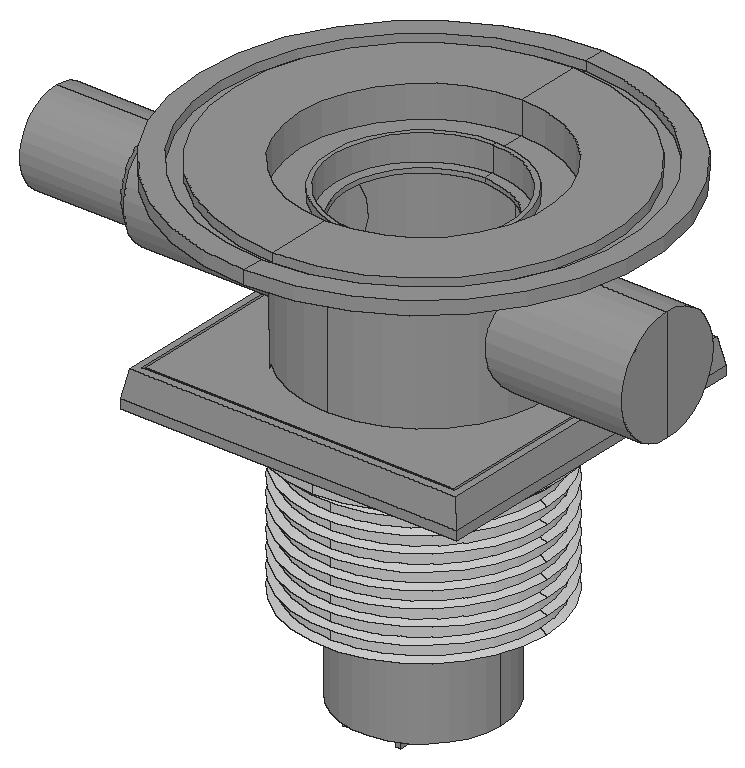
Revit family "HL_RU_Floor drain_HL300G-A-160411", category Instalační zařizovací předměty, Revit 2021
Family settings
  Kóta kulaté spojky = Použít průměr
  Typ dílu = Normální
  Číslo OmniClass = 23.70.50.21.24.14
  Nadpis OmniClass = Deck Waste Water Drains
  Založené na pracovní rovině = Ne
  Vždy vertikální = Ano
  Ořezat dutým tvarem při načtení = Ne
  Sdílené = Ano
  Bod výpočtu místnosti = Ano
Parameters (values of type "HL300G")
  РЕШЁТКА = "137x137mm / GJL"
  РАЗМЕР = "DN50"
  ПРОПУСКНАЯ СПОСОБНОСТЬ = 0.5 L/s
  ПРОИЗВОДИТЕЛЬНОСТЬ = "0,5 l/sec"
  ПРИЁМНОЕ ОТВЕРСТИЕ = "DN40/50"
  ПРАВОВАЯ ИНФОРМАЦИЯ = "Авторские права(©), права на дизайн или какие либо другие права интелектуальной собственности являются исключительной собственностью компании HL Hutterer & Lechner. Изменению не подлежит. Файл семейства с данными о прозводителе изделия защищен паролем с водяным знаком."  # constant formula
  НОМИНАЛЬНЫЙ ДИАМЕТР ПРИТОКА = 40 mm
  НОМИНАЛЬНЫЙ ДИАМЕТР = 50 mm
  НАСАДКА = "35-75mm / 150x150mm / GJL"
  МАТЕРИАЛ = "PE"
  МАКСИМАЛЬНАЯ НАГРУЗКА КЛАССА = "A/L15 - 1,5 t"
  ВЫСОТА МОНТАЖА = "158 mm"
  ВЕС = "2,5 [kg]"
  Výchozí výška = 0 mm
  Přípoj ventilace = no
  Výrobce = "HL Hutterer & Lechner GmbH"  # constant formula
  URL = "http://www.hutterer-lechner.com/ru/products/catalog/floor-drains/attachments/HL300g.aspx"
  Přípoj odpadních dílů = yes
  IN_test [instance] = 30 mm
  Přípoj HW = no
  Popis = "Трапы для внутренних помещений"
  Model = "HL300G"
  Komentáře k typům = "HL300G Трап для внутренних помещений DN50 горизонтальный с дополнительным отверстием DN40/50, 150х150мм/137х137мм чугун"
  Keynote = "HL300G"
  Высота монтажа [instance] = 158 mm
  Přípoj CW = no
  EAN = "9003076000531"
  C [instance] = if(НОМИНАЛЬНЫЙ ДИАМЕТР ПРИТОКА = 40 mm, 164 mm, 114 mm)  # 164 mm
  B [instance] = Высота монтажа - 71.3 mm  # 86.7 mm
  A [instance] = if(B - 100 mm > 15 mm, B - 100 mm, 15 mm)  # 15 mm
Reference planes
  plane 1 "Center (Front/Back)": y = 0
  plane 2: z = 0
  plane 3 "Center (Left/Right)": x = 0
  plane 4 "Ball Joint Vertical": x = 25.45
  plane 5: z = -158
  plane 6: z = -86.7
  plane 7: z = -200
Lines and regions (mm)
  model lines, style "InvisibleLines"
    curve 1: line (0, 0, 0) -> (0, 0, 1000)
  reference lines
    curve 2: line (0, 0, -86.7) -> (109, 0, -86.7)
    curve 22: line (0, 0, -86.7) -> (-164, 0, -86.7)
  model lines, detail levels coarse+medium
    curve 3: line (0, 0, -86.7) -> (0, 0, -71.7)
    curve 4: line (0, 0, -71.7) -> (71.7, 0, 0)
    curve 5: line (0, 0, -71.7) -> (-71.7, 0, 0)
    curve 24: line (-164, 0, -86.7) -> (109, 0, -86.7)
  symbolic lines, detail levels coarse+medium
    curve 6: line (-75, 75, 0) -> (75, 75, 0)
    curve 7: line (-75, -75, 0) -> (-75, 75, 0)
    curve 8: line (75, -75, 0) -> (-75, -75, 0)
    curve 9: line (75, 75, 0) -> (75, -75, 0)
    curve 10: line (75, 75, 0) -> (145.711, 145.711, 0)
    curve 11: line (75, -75, 0) -> (145.711, -145.711, 0)
    curve 12: line (-75, 75, 0) -> (-145.711, 145.711, 0)
    curve 13: line (-75, -75, 0) -> (-145.711, -145.711, 0)
  symbolic lines, not visible, detail levels coarse+medium
    curve 14: line (-75, 75, 0) -> (75, 75, 0)
    curve 15: line (-75, -75, 0) -> (-75, 75, 0)
    curve 16: line (75, -75, 0) -> (-75, -75, 0)
    curve 17: line (75, 75, 0) -> (75, -75, 0)
    curve 18: line (75, 75, 0) -> (145.711, 145.711, 0)
    curve 19: line (75, -75, 0) -> (145.711, -145.711, 0)
    curve 20: line (-75, 75, 0) -> (-145.711, 145.711, 0)
    curve 21: line (-75, -75, 0) -> (-145.711, -145.711, 0)
  symbolic lines, style "InvisibleLines", not visible
    curve 23: line (0, 0, 0) -> (0, 0, -30)
Text (mm)
  text "ПОЛ" at (-222.604, 0, -7.843), in view "Drain Construction View"
Dimensions and locks
  locked: plane 4 "Ball Joint Vertical" to plane 3 "Center (Left/Right)" at 25.45
  "Высота монтажа": plane 2 to plane 5
  "A": curve 5 to plane 6
  "B": curve 5 to plane 6
  "B": curve 4 to plane 6
  "B": plane 2 to plane 6
  locked: nested 2 to plane 5 at 20.9
  "IN_test": plane 2 to curve 23
  "C": plane 3 "Center (Left/Right)" to curve 22
  locked: curve 22 to curve 24
  curve 2 to curve 24 = 0 mm
  locked: nested 1 to plane 5 at 119
  locked: curve 4 to plane 3 "Center (Left/Right)" (angle 45.00°)
  locked: plane 3 "Center (Left/Right)" to curve 5 (angle 45.00°)
  aligned and locked: level to plane 2
  aligned and locked: plane 2 to curve 1
  aligned and locked: plane 3 "Center (Left/Right)" to curve 1
  aligned and locked: plane 3 "Center (Left/Right)" to curve 2
  aligned and locked: plane 3 "Center (Left/Right)" to curve 3
  aligned and locked: plane 3 "Center (Left/Right)" to curve 5
Automatic sketch dimensions
  level to curve 1 = 1000 mm
  curve 2 to plane 6 = 0 mm
  plane 4 "Ball Joint Vertical" to curve 2 = 83.55 mm
Nested families
  nested 1: "HL_Корпус для трапа внутренних помещений_HL300K" at (0, 0, 76.988) x (-1, 0, 0) z (0, 0, 1), НОМИНАЛЬНЫЙ ДИАМЕТР ПРИТОКА <- "НОМИНАЛЬНЫЙ ДИАМЕТР ПРИТОКА", type "HL300K_Main Component"
    with НОМИНАЛЬНЫЙ ДИАМЕТР ПРИТОКА 40 mm, A 0 mm
  nested 2: "HL_Вкладыш сифона_HL0300.6E" at (0, 0, -47.1) x (0, 1, 0) z (0, 0, 1), type "HL0300.6E_Main Component"
  nested 3: "HL_Решётка_HL037G.1E" at (0, 0, 0), type "HL037G.1E_Main Component"
  nested 4: "HL_Насадная деталь_HL037G.2E" at (0, 0, 0), type "HL037G.2E_Main Component"
    with Высота монтажа 75 mm, RN 9, RL 58.5 mm, R yes, NL_Test yes, NL 95 mm
Connectors
  piping at (109, 0, -86.7), diameter 50, driven by "ПРОПУСКНАЯ СПОСОБНОСТЬ", driven by "НОМИНАЛЬНЫЙ ДИАМЕТР"
    settings: on curve 2, index 1, connector inside diameter 609.6 mm, connector length 0 mm, flow factor 0, pipe flow 0.5 L/s, pressure drop 0.0 Pa, fitting loss kfactor 0, connector angle 0.00°, fixture units 0, engagement length 0 mm, angle of deflection 0.00°, flow configuration 1, flow direction 2, fitting loss method 0, system type 16, joint type 0, gender type 0, connector reference index 2, connector utility 0, adjustable connector yes, is connector primary yes, connector description ""
  piping at (-164, 0, -86.7), diameter 40, driven by "ПРОПУСКНАЯ СПОСОБНОСТЬ", driven by "НОМИНАЛЬНЫЙ ДИАМЕТР ПРИТОКА"
    settings: on curve 22, index 2, connector inside diameter 609.6 mm, connector length 0 mm, flow factor 1, pipe flow 0.5 L/s, pressure drop 0.0 Pa, fitting loss kfactor 0, connector angle 0.00°, fixture units 0, engagement length 0 mm, angle of deflection 0.00°, flow configuration 2, flow direction 1, fitting loss method 0, system type 16, joint type 0, gender type 0, connector reference index 1, connector utility 0, adjustable connector yes, is connector primary no, connector description ""
Definition of nested family "HL_Корпус для трапа внутренних помещений_HL300K"
  Parameters (values of type "HL300K")
    РАЗМЕР = "DN50"
    ПРИЁМНОЕ ОТВЕРСТИЕ = "DN40/50"
    ПРАВОВАЯ ИНФОРМАЦИЯ = "Авторские права(©), права на дизайн или какие либо другие права интелектуальной собственности являются исключительной собственностью компании HL Hutterer & Lechner. Изменению не подлежит. Файл семейства с данными о прозводителе изделия защищен паролем с водяным знаком."  # constant formula
    НОМИНАЛЬНЫЙ ДИАМЕТР ПРИТОКА [instance] = 40 mm
    МАТЕРИАЛ = "PE"
    ВЫСОТА МОНТАЖА = "123 mm"
    ВЕС = "0,463 [kg]"
    Waste Connection = yes
    Default Elevation = 0 mm
    Vent Connection = no
    Manufacturer = "HL Hutterer & Lechner GmbH"  # constant formula
    URL = "http://www.hutterer-lechner.com/ru/products/catalog/floor-drains/attachments/HL300k.aspx"
    HW Connection = no
    Description = "Трапы для внутренних помещений - Комплектующие"
    Model = "HL300K"
    Type Comments = "HL300K Корпус трапа для внутренних помещений DN50 горизонтальный с отверстием DN40/50."
    Keynote = "HL300K"
    EAN = "9003076001675"
    CW Connection = no
    A [instance] = if(НОМИНАЛЬНЫЙ ДИАМЕТР ПРИТОКА = 40 mm, 0 mm, if(НОМИНАЛЬНЫЙ ДИАМЕТР ПРИТОКА = 50 mm, 50 mm, -10 mm))  # 0 mm
  Reference planes
    plane 1 "Center (Front/Back)": y = 0
    plane 2: z = 0
    plane 3 "Center (Left/Right)": x = 0
    plane 4 "Ball Joint Vertical": x = 25.45
  Forms (mm)
    Revolve 1, solid, detail levels fine
      sketch origin (0, 0, 0) x (0, 1, 0) y (0, 0, 1)
        loop
          line (100, -6) -> (100, 0) -> (90.5, 0) -> (90.5, -4) -> (84, -4) -> (84, 0) -> (55, 0) -> (55, -14.411) -> (41, -14.411) -> (41, -10.836) -> (39, -10.836) -> (39, -22.336) -> (34.5, -22.336) -> (34.5, -24.336) -> (42, -24.336) -> (42, -21.276) -> (50.5, -21.276) -> (51.5, -20.276) -> (51.5, -16.776) -> (56.5, -16.776)
          arc (56.5, -16.776) -> (57.207, -16.483) -> (57.5, -15.776) r 1
          line (57.5, -15.776) -> (58.208, -6) -> (58.208, -18.488) -> (60.5, -18.488) -> (60.5, -21.988) -> (51.804, -21.988) -> (51, -24.988) -> (51, -103.988)
          arc (51, -103.988) -> (47.485, -112.473) -> (39, -115.988) r 12
          line (39, -115.988) -> (0, -115.988) -> (0, -118.988) -> (39, -118.988)
          arc (39, -118.988) -> (49.607, -114.595) -> (54, -103.988) r 15
          line (54, -103.988) -> (54, -25.988) -> (63.5, -25.988) -> (63.5, -6) -> (100, -6)
        axis (0, 0) -> (0, -118.988)
      angle from 0 to 360
    Revolve 2, solid, detail levels fine
      sketch origin (0, 0, 0) x (1, 0, 0) y (0, 0, 1)
        loop
          line (42.757, -72.853) -> (114, -72.853) -> (118.865, -67.988) -> (164, -67.988) -> (164, -47.673) -> (42.757, -47.673) -> (42.757, -72.853)
        axis (164, -47.673) -> (42.757, -47.673)
      angle from 0 to 360
    Revolve 3, solid, detail levels fine
      sketch origin (0, 0, 0) x (1, 0, 0) y (0, 0, 1)
        loop
          line (-109, -47.595) -> (-109, -72.988) -> (-39, -72.988) -> (-39, -47.595) -> (-109, -47.595)
        axis (-109, -47.595) -> (-39, -47.595)
      angle from 0 to 360
    Revolve 4, void
      sketch origin (0, 0, -150) x (1, 0, 0) y (0, 0, 1)
        loop
          line (51, 125.012) -> (51.804, 128.012) -> (42.357, 128.012) -> (42.357, 125.344) -> (0, 125.344) -> (0, 45.344) -> (51, 45.344) -> (51, 125.012)
        axis (0, 45.344) -> (0, 128.012)
      angle from 0 to 360
    Extrusion 5, void
      sketch origin (164, 0, -47.673) x (0, 0, 1) y (0, 1, 0)
        loop
          line (29.185, 37.24) -> (-30.815, 37.24) -> (-30.815, -37.76) -> (29.185, -37.76) -> (29.185, 37.24)
      from -10 to 0 <- "A"
  Cuts and joins
    Revolve 4, Extrusion 5 cuts Revolve 2
    joined: Revolve 1, Revolve 2
    Revolve 4 cuts Revolve 3
  Text (mm)
    text "ROOF/FLOOR" at (-213.15, 0, -13.934), in view "Drain Construction View"
  Dimensions and locks
    locked: plane 4 "Ball Joint Vertical" to plane 3 "Center (Left/Right)" at 25.45
    aligned and locked: level to plane 2
    aligned and locked: Revolve 3 sketch curve to Revolve 3 sketch curve
Definition of nested family "HL_Вкладыш сифона_HL0300.6E"
  Parameters (values of type "HL0300.6E")
    ПРАВОВАЯ ИНФОРМАЦИЯ = "Авторские права(©), права на дизайн или какие либо другие права интелектуальной собственности являются исключительной собственностью компании HL Hutterer & Lechner. Изменению не подлежит. Файл семейства с данными о прозводителе изделия защищен паролем с водяным знаком."  # constant formula
    ВЕС = "0,06 [kg]"
    Waste Connection = no
    Default Elevation = 0 mm
    Vent Connection = no
    Manufacturer = "HL Hutterer & Lechner GmbH"  # constant formula
    URL = "http://www.hutterer-lechner.com/ru/products/catalog/floor-drains/attachments/HL0300.6e.aspx"
    HW Connection = no
    Description = "Трапы для внутренних помещений - Комплектующие"
    Model = "HL0300.6E"
    Type Comments = "HL0300.6E Вкладыш запахозапирающий комплектный"
    Keynote = "HL0300.6E"
    EAN = "9003076001224"
    CW Connection = no
  Reference planes
    plane 1 "Center (Front/Back)": y = 0
    plane 2: z = 0
    plane 3 "Center (Left/Right)": x = 0
    plane 4 "Ball Joint Vertical": x = 25.45
  Forms (mm)
    Revolve 1, solid, detail levels fine
      sketch origin (0, 0, 0) x (0, 1, 0) y (0, 0, 1)
        loop
          line (34.779, -11) -> (32.485, -11) -> (32.485, -90) -> (34.779, -90) -> (34.779, -11)
        axis (0, -11) -> (0, -90)
      angle from 0 to 360
    Revolve 2, solid, detail levels fine
      sketch origin (0, 0, 0) x (0, 1, 0) y (0, 0, 1)
        loop
          line (38.4, 0) -> (22.7, -0.841) -> (22.7, -3.345) -> (34, -2.729) -> (34, -7) -> (32.485, -7) -> (32.485, -11) -> (38.4, -11) -> (38.4, 0)
        axis (0, 0) -> (0, -11)
      angle from 0 to 360
    Revolve 3, solid, detail levels fine
      sketch origin (0, 0, 0) x (0, 1, 0) y (0, 0, 1)
        loop
          line (22.9, -67) -> (24.48, -67) -> (24.48, -45.01)
          arc (24.48, -45.01) -> (17.215, -28.215) -> (0, -22.01) r 23.045
          line (0, -22.01) -> (0, -23.606)
          arc (0, -23.606) -> (16.161, -29.985) -> (22.9, -46) r 22.4
          line (22.9, -46) -> (22.9, -67)
        axis (0, -22.01) -> (0, -67)
      angle from 0 to 360
    Extrusion 4, solid, detail levels fine
      sketch origin (0, 0, 0) x (1, 0, 0) y (0, 1, 0)
        loop
          line (29.77, 13) -> (-29.77, 13)
          arc (-29.77, 13) -> (-32.485, 0) -> (-29.77, -13) r 32.485
          line (-29.77, -13) -> (29.77, -13)
          arc (29.77, -13) -> (32.485, 0) -> (29.77, 13) r 32.485
      from -86 to -90
    Extrusion 5, solid, detail levels fine
      sketch origin (0, 0, 0) x (1, 0, 0) y (0, 1, 0)
        loop
          line (-29, 11) -> (29, 11) -> (29, 13) -> (-29, 13) -> (-29, 11)
        loop
          line (-29, -11) -> (-29, -13) -> (29, -13) -> (29, -11) -> (-29, -11)
      from -90 to -94
  Cuts and joins
    joined: Revolve 1, Extrusion 4, Extrusion 5
  Text (mm)
    text "ROOF/FLOOR" at (-198.233, 0, -26.556), in view "Drain Construction View"
  Dimensions and locks
    locked: plane 4 "Ball Joint Vertical" to plane 3 "Center (Left/Right)" at 25.45
    aligned and locked: level to plane 2
Definition of nested family "HL_Решётка_HL037G.1E"
  Parameters (values of type "HL037G.1E")
    РАЗМЕР = "137x137mm"
    ПРАВОВАЯ ИНФОРМАЦИЯ = "Авторские права(©), права на дизайн или какие либо другие права интелектуальной собственности являются исключительной собственностью компании HL Hutterer & Lechner. Изменению не подлежит. Файл семейства с данными о прозводителе изделия защищен паролем с водяным знаком."  # constant formula
    МАТЕРИАЛ = "Gusseisen"
    МАКСИМАЛЬНАЯ НАГРУЗКА КЛАССА = "A/L15 - 1,5 t"
    ВЕС = "0,91 [kg]"
    Waste Connection = yes
    Default Elevation = 0 mm
    Vent Connection = no
    Manufacturer = "HL Hutterer & Lechner GmbH"  # constant formula
    URL = "http://www.hutterer-lechner.com/ru/Products/catalog/floor-drains/attachments/HL037G.1E.aspx"
    HW Connection = no
    Description = "Трапы для внутренних помещений - Комплектующие"
    Model = "HL037G.1E"
    Type Comments = "HL037G.1E Чугунные решетки для сливных отверстий 137х137мм"
    Keynote = "HL037G.1E"
    EAN = "9003076009046"
    CW Connection = no
  Reference planes
    plane 1 "Center (Front/Back)": y = 0
    plane 2: z = 0
    plane 3 "Center (Left/Right)": x = 0
    plane 4 "Ball Joint Vertical": x = 25.45
  Forms (mm)
    Extrusion 1, solid, detail levels fine
      sketch origin (0, 0, 0) x (1, 0, 0) y (0, 1, 0)
        loop
          line (-69, 69) -> (-69, -69) -> (69, -69) -> (69, 69) -> (-69, 69)
      from 0 to -8
  Lines and regions (mm)
    model lines, detail levels fine
      curve 1: line (-8.15, 4.25, 0) -> (-8.15, -4.25, 0)
      curve 2: line (-6.4, 1.625, 0) -> (-6.4, 4.25, 0)
      curve 3: line (-2.65, 0.875, 0) -> (-5.65, 0.875, 0)
      curve 4: line (-5.65, -0.875, 0) -> (-2.65, -0.875, 0)
      curve 5: line (-6.4, -4.25, 0) -> (-6.4, -1.625, 0)
      curve 6: line (-0.15, -4.25, 0) -> (-0.15, 4.25, 0)
      curve 7: line (1.65, 4.25, 0) -> (1.65, -4.25, 0)
      curve 8: line (3.4, -2.5, 0) -> (3.4, 4.25, 0)
      curve 9: line (7.4, -3.25, 0) -> (4.15, -3.25, 0)
      curve 10: line (2.4, -5, 0) -> (7.4, -5, 0)
      curve 11: arc (-8.15, -4.25, 0) -> (-7.275, -5.125, 0) -> (-6.4, -4.25, 0) r 0.875
      curve 12: arc (-8.15, 4.25, 0) -> (-7.275, 5.125, 0) -> (-6.4, 4.25, 0) r 0.875
      curve 13: arc (-6.4, 1.625, 0) -> (-6.18, 1.095, 0) -> (-5.65, 0.875, 0) r 0.75
      curve 14: arc (-5.65, -0.875, 0) -> (-6.18, -1.095, 0) -> (-6.4, -1.625, 0) r 0.75
      curve 15: arc (-2.65, -0.875, 0) -> (-2.12, -1.095, 0) -> (-1.9, -1.625, 0) r 0.75
      curve 16: arc (-2.65, 0.875, 0) -> (-2.12, 1.095, 0) -> (-1.9, 1.625, 0) r 0.75
      curve 17: arc (-1.9, 4.25, 0) -> (-1.025, 5.125, 0) -> (-0.15, 4.25, 0) r 0.875
      curve 18: arc (1.65, 4.25, 0) -> (2.525, 5.125, 0) -> (3.4, 4.25, 0) r 0.875
      curve 19: arc (7.4, -3.25, 0) -> (8.275, -4.125, 0) -> (7.4, -5, 0) r 0.875
      curve 20: arc (4.15, -3.25, 0) -> (3.62, -3.03, 0) -> (3.4, -2.5, 0) r 0.75
      curve 21: arc (1.65, -4.25, 0) -> (1.87, -4.78, 0) -> (2.4, -5, 0) r 0.75
      curve 22: arc (-1.9, -4.25, 0) -> (-1.025, -5.125, 0) -> (-0.15, -4.25, 0) r 0.875
      curve 23: line (-1.9, -1.625, 0) -> (-1.9, -4.25, 0)
      curve 24: line (-1.9, 1.625, 0) -> (-1.9, 4.25, 0)
      curve 25: line (-10.607, 16.263, 0) -> (-28.989, 34.646, 0)
      curve 26: line (-34.646, 28.989, 0) -> (-16.263, 10.607, 0)
      curve 27: line (-21.211, 38.181, 0) -> (-12.021, 28.991, 0)
      curve 28: line (-6.364, 34.648, 0) -> (-15.554, 43.838, 0)
      curve 29: line (-28.991, 12.021, 0) -> (-38.181, 21.211, 0)
      curve 30: line (-43.838, 15.554, 0) -> (-34.648, 6.364, 0)
      curve 31: arc (-43.838, 15.554, 0) -> (-43.838, 21.211, 0) -> (-38.181, 21.211, 0) r 4
      curve 32: arc (-28.991, 12.021, 0) -> (-28.991, 6.364, 0) -> (-34.648, 6.364, 0) r 4
      curve 33: arc (-34.646, 28.989, 0) -> (-34.646, 34.646, 0) -> (-28.989, 34.646, 0) r 4
      curve 34: arc (-16.263, 10.607, 0) -> (-10.607, 10.607, 0) -> (-10.607, 16.263, 0) r 4
      curve 35: arc (-12.021, 28.991, 0) -> (-6.364, 28.991, 0) -> (-6.364, 34.648, 0) r 4
      curve 36: arc (-21.211, 38.181, 0) -> (-21.211, 43.838, 0) -> (-15.554, 43.838, 0) r 4
      curve 37: line (16.263, 10.607, 0) -> (34.646, 28.989, 0)
      curve 38: line (28.989, 34.646, 0) -> (10.607, 16.263, 0)
      curve 39: line (38.181, 21.211, 0) -> (28.991, 12.021, 0)
      curve 40: line (34.648, 6.364, 0) -> (43.838, 15.554, 0)
      curve 41: line (12.021, 28.991, 0) -> (21.211, 38.181, 0)
      curve 42: line (15.554, 43.838, 0) -> (6.364, 34.648, 0)
      curve 43: arc (15.554, 43.838, 0) -> (21.211, 43.838, 0) -> (21.211, 38.181, 0) r 4
      curve 44: arc (12.021, 28.991, 0) -> (6.364, 28.991, 0) -> (6.364, 34.648, 0) r 4
      curve 45: arc (28.989, 34.646, 0) -> (34.646, 34.646, 0) -> (34.646, 28.989, 0) r 4
      curve 46: arc (10.607, 16.263, 0) -> (10.607, 10.607, 0) -> (16.263, 10.607, 0) r 4
      curve 47: arc (28.991, 12.021, 0) -> (28.991, 6.364, 0) -> (34.648, 6.364, 0) r 4
      curve 48: arc (38.181, 21.211, 0) -> (43.838, 21.211, 0) -> (43.838, 15.554, 0) r 4
      curve 49: line (-10.607, -16.263, 0) -> (-28.989, -34.646, 0)
      curve 50: line (-34.646, -28.989, 0) -> (-16.263, -10.607, 0)
      curve 51: line (-21.211, -38.181, 0) -> (-12.021, -28.991, 0)
      curve 52: line (-6.364, -34.648, 0) -> (-15.554, -43.838, 0)
      curve 53: line (-28.991, -12.021, 0) -> (-38.181, -21.211, 0)
      curve 54: line (-43.838, -15.554, 0) -> (-34.648, -6.364, 0)
      curve 55: arc (-43.838, -15.554, 0) -> (-43.838, -21.211, 0) -> (-38.181, -21.211, 0) r 4
      curve 56: arc (-28.991, -12.021, 0) -> (-28.991, -6.364, 0) -> (-34.648, -6.364, 0) r 4
      curve 57: arc (-34.646, -28.989, 0) -> (-34.646, -34.646, 0) -> (-28.989, -34.646, 0) r 4
      curve 58: arc (-16.263, -10.607, 0) -> (-10.607, -10.607, 0) -> (-10.607, -16.263, 0) r 4
      curve 59: arc (-12.021, -28.991, 0) -> (-6.364, -28.991, 0) -> (-6.364, -34.648, 0) r 4
      curve 60: arc (-21.211, -38.181, 0) -> (-21.211, -43.838, 0) -> (-15.554, -43.838, 0) r 4
      curve 61: line (16.263, -10.607, 0) -> (34.646, -28.989, 0)
      curve 62: line (28.989, -34.646, 0) -> (10.607, -16.263, 0)
      curve 63: line (38.181, -21.211, 0) -> (28.991, -12.021, 0)
      curve 64: line (34.648, -6.364, 0) -> (43.838, -15.554, 0)
      curve 65: line (12.021, -28.991, 0) -> (21.211, -38.181, 0)
      curve 66: line (15.554, -43.838, 0) -> (6.364, -34.648, 0)
      curve 67: arc (15.554, -43.838, 0) -> (21.211, -43.838, 0) -> (21.211, -38.181, 0) r 4
      curve 68: arc (12.021, -28.991, 0) -> (6.364, -28.991, 0) -> (6.364, -34.648, 0) r 4
      curve 69: arc (28.989, -34.646, 0) -> (34.646, -34.646, 0) -> (34.646, -28.989, 0) r 4
      curve 70: arc (10.607, -16.263, 0) -> (10.607, -10.607, 0) -> (16.263, -10.607, 0) r 4
      curve 71: arc (28.991, -12.021, 0) -> (28.991, -6.364, 0) -> (34.648, -6.364, 0) r 4
      curve 72: arc (38.181, -21.211, 0) -> (43.838, -21.211, 0) -> (43.838, -15.554, 0) r 4
    model lines
      curve 73: line (0, 0, 0) -> (0, 0, 100)
  Text (mm)
    text "ROOF/FLOOR" at (-198.233, 0, -26.556), in view "Drain Construction View"
  Dimensions and locks
    locked: plane 4 "Ball Joint Vertical" to plane 3 "Center (Left/Right)" at 25.45
    aligned and locked: level to plane 2
Definition of nested family "HL_Насадная деталь_HL037G.2E"
  Parameters
    РАЗМЕР = "d 110 mm"
    ПРАВОВАЯ ИНФОРМАЦИЯ = "Авторские права(©), права на дизайн или какие либо другие права интелектуальной собственности являются исключительной собственностью компании HL Hutterer & Lechner. Изменению не подлежит. Файл семейства с данными о прозводителе изделия защищен паролем с водяным знаком."  # constant formula
    НАСАДКА = "150x150mm"
    МАКСИМАЛЬНАЯ НАГРУЗКА КЛАССА = "A/L15 - 1,5 t"
    Высота монтажа [instance] = 75 mm
    ВЕС = "2,03 [kg]"
    Waste Connection = yes
    Default Elevation = 0 mm
    Vent Connection = no
    RD = 6.5 mm  # constant formula
    R [instance] = ((Высота монтажа - NL_Min) / RD - 1) > 2  # yes
    RL [instance] = RD * RN  # 58.5 mm
    NL_Test [instance] = and(or(Высота монтажа < NL_Max, Высота монтажа = NL_Max), or(Высота монтажа > NL_Min, Высота монтажа = NL_Min))  # yes
    NL_Min = 30 mm
    NL_Max = 95 mm
    NL [instance] = if(NL_Test, Высота монтажа + 20 mm, 0 mm)  # 95 mm
    RN [instance] = if((Высота монтажа + 20 mm - NL_Min) / RD - 1 < 2, 2, (Высота монтажа + 20 mm - NL_Min) / RD - 1)  # 9
    Manufacturer = "HL Hutterer & Lechner GmbH"  # constant formula
    URL = "http://www.hutterer-lechner.com/ru/Products/catalog/floor-drains/attachments/HL037G.2E.aspx"
    HW Connection = no
    Description = "Трапы для внутренних помещений - Комплектующие"
    Model = "HL037G.2E"
    Type Comments = "HL037G.2E Подрамники d 110 мм из чугуна 150х150 мм"
    Keynote = "HL037G.2E"
    EAN = "9003076025404"
    CW Connection = no
  Reference planes
    plane 1 "Center (Front/Back)": y = 0
    plane 2: z = 0
    plane 3 "Center (Left/Right)": x = 0
    plane 4 "Ball Joint Vertical": x = 25.45
    plane 5: z = -95
  Forms (mm)
    Extrusion 1, solid, detail levels fine
      sketch origin (0, 0, 0) x (1, 0, 0) y (0, 1, 0)
        loop
          line (-75, 75) -> (-75, -75) -> (75, -75) -> (75, 75) -> (-75, 75)
        loop
          circle (0, 0) r 50.15
      from -12 to -16
    Sweep 2, solid, detail levels fine
      path in 3D
        loop
          line (-75, 75, -12) -> (-75, -75, -12) -> (75, -75, -12) -> (75, 75, -12) -> (-75, 75, -12)
      profile origin (0, 75, -12) x (0, -1, 0) y (0, 0, 1)
        loop
          line (2.116, 12) -> (0, 0) -> (15, 0) -> (15, 4) -> (5, 4) -> (5, 12) -> (2.116, 12)
    Extrusion 3, solid, detail levels fine
      sketch origin (0, 0, 0) x (1, 0, 0) y (0, 1, 0)
        loop
          line (-60, 60) -> (-60, -60) -> (60, -60) -> (60, 60) -> (-60, 60)
        loop
          circle (0, 0) r 50.5
      from -8 to -12
    Revolve 4, solid, detail levels fine
      sketch origin (0, 0, 0) x (0, 1, 0) y (0, 0, 1)
        loop
          line (64.5, -16) -> (62.224, -16) -> (59.8, -18.424) -> (59.8, -27.8) -> (50.15, -27.8) -> (50.15, -29.5) -> (50.15, -95) -> (51.85, -95) -> (51.85, -29.5) -> (61.5, -29.5) -> (61.5, -19) -> (64.5, -16)
        axis (0, -16) -> (0, -95)
      angle from 0 to 360
  Cuts and joins
    joined: Extrusion 1, Sweep 2, Extrusion 3
  Lines and regions (mm)
    symbolic lines
      curve 1: line (0, 0, -95) -> (0, 0, 0)
    sketch lines
      curve 2: line (75, 75, -12) -> (-75, 75, -12)
      curve 3: line (75, -75, -12) -> (75, 75, -12)
      curve 4: line (-75, -75, -12) -> (75, -75, -12)
      curve 5: line (-75, 75, -12) -> (-75, -75, -12)
  Text (mm)
    text "ROOF/FLOOR" at (-198.233, 0, -26.556), in view "Drain Construction View"
  Dimensions and locks
    locked: plane 4 "Ball Joint Vertical" to plane 3 "Center (Left/Right)" at 25.45
    "NL": plane 2 to plane 5
    equal spacing: group 1, group 3, group 4, group 5, group 6, group 7, group 8, group 9, group 2  (x3)
    "RL": nested 2 to nested 1
    locked: nested 1 to plane 5 at 1.516
    aligned and locked: level to plane 2
    aligned and locked: plane 3 "Center (Left/Right)" to nested 1
    aligned and locked: plane 1 "Center (Front/Back)" to nested 1
    aligned and locked: plane 2 to curve 1
    aligned and locked: plane 5 to curve 1
    aligned and locked: plane 5 to Revolve 4
  Automatic sketch dimensions
    curve 1 to plane 4 "Ball Joint Vertical" = 25.45 mm
    Extrusion 1 sketch curve to Extrusion 1 sketch curve = 0 mm  (x2)
    plane 1 "Center (Front/Back)" to Extrusion 1 sketch curve = 0 mm
    Extrusion 1 sketch curve to plane 3 "Center (Left/Right)" = 0 mm
    Extrusion 1 sketch curve to plane 3 "Center (Left/Right)" = 75 mm
    plane 4 "Ball Joint Vertical" to Extrusion 1 sketch curve = 49.55 mm
    plane 1 "Center (Front/Back)" to Extrusion 1 sketch curve = 75 mm
    Extrusion 1 sketch curve to plane 1 "Center (Front/Back)" = 75 mm
    plane 1 "Center (Front/Back)" to Extrusion 1 sketch curve = 5.198 mm
    Extrusion 1 sketch curve to plane 3 "Center (Left/Right)" = 49.88 mm
    Extrusion 1 sketch curve to plane 1 "Center (Front/Back)" = 5.198 mm
    Sweep 2 sketch curve to profile plane = 0 mm  (x2)
    Sweep 2 sketch curve to profile plane = 2.116 mm
    Sweep 2 sketch curve to Sweep 2 sketch curve = 2.884 mm
    profile plane to Sweep 2 sketch curve = 4 mm
    Sweep 2 sketch curve to Sweep 2 sketch curve = 10 mm
    Sweep 2 sketch curve to Sweep 2 sketch curve = 8 mm
    Extrusion 3 sketch curve to Extrusion 3 sketch curve = 0 mm  (x2)
    plane 1 "Center (Front/Back)" to Extrusion 3 sketch curve = 0 mm
    Extrusion 3 sketch curve to plane 3 "Center (Left/Right)" = 0 mm
    Extrusion 3 sketch curve to plane 3 "Center (Left/Right)" = 60 mm
    plane 4 "Ball Joint Vertical" to Extrusion 3 sketch curve = 34.55 mm
    plane 1 "Center (Front/Back)" to Extrusion 3 sketch curve = 60 mm
    Extrusion 3 sketch curve to plane 1 "Center (Front/Back)" = 60 mm
    Extrusion 3 sketch curve to plane 1 "Center (Front/Back)" = 5.234 mm
    Extrusion 3 sketch curve to plane 3 "Center (Left/Right)" = 50.228 mm
    plane 1 "Center (Front/Back)" to Extrusion 3 sketch curve = 5.234 mm
    Revolve 4 sketch curve to plane 1 "Center (Front/Back)" = 0 mm
    Revolve 4 sketch curve to plane 1 "Center (Front/Back)" = 50.15 mm
    Revolve 4 sketch curve to Revolve 4 sketch curve = 1.7 mm  (x3)
    Revolve 4 sketch curve to Revolve 4 sketch curve = 7.95 mm
    Revolve 4 sketch curve to level = 16 mm
    Revolve 4 sketch curve to Revolve 4 sketch curve = 0.724 mm
    Revolve 4 sketch curve to Revolve 4 sketch curve = 2.276 mm
    Revolve 4 sketch curve to Revolve 4 sketch curve = 2.424 mm
    Revolve 4 sketch curve to Revolve 4 sketch curve = 0.576 mm
    Revolve 4 sketch curve to Revolve 4 sketch curve = 9.376 mm
    Revolve 4 sketch curve to Revolve 4 sketch curve = 0 mm
    Revolve 4 sketch curve to plane 5 = 0 mm
    Revolve 4 sketch curve to plane 5 = 60 mm
    level to Revolve 4 sketch curve = 50 mm
  Nested families
    nested 1: "Ring" at (0, 0, -93.484), visible <- "R", type "Ring"
    nested 2: "Ring" at (0, 0, -34.984), visible <- "R", type "Ring"
    nested 3: "Ring" at (0, 0, -86.171), visible <- "R", type "Ring"
    nested 4: "Ring" at (0, 0, -78.859), visible <- "R", type "Ring"
    nested 5: "Ring" at (0, 0, -71.546), visible <- "R", type "Ring"
    nested 6: "Ring" at (0, 0, -64.234), visible <- "R", type "Ring"
    nested 7: "Ring" at (0, 0, -56.921), visible <- "R", type "Ring"
    nested 8: "Ring" at (0, 0, -49.609), visible <- "R", type "Ring"
    nested 9: "Ring" at (0, 0, -42.296), visible <- "R", type "Ring"
  Definition of nested family "Ring"
    Parameters (values of type "Ring")
      Manufacturer = ""
      Default Elevation = 0 mm
      URL = ""
      R = D / 2  # 51.5 mm
      Description = ""
      Model = ""
      Material = none
      Type Comments = ""
      D = 103 mm
      Cost = 0
    Reference planes
      plane 1 "Střed (vpředu/vzadu)": y = 0
      plane 2: z = 0
      plane 3 "Střed (vlevo/vpravo)": x = 0
    Forms (mm)
      Revolve 1, solid, material <- "Material", detail levels fine
        sketch origin (0, 0, 0) x (1, 0, 0) y (0, 0, 1)
          loop
            line (-51.5, 1.482) -> (-54.764, 0) -> (-51.5, -1.516) -> (-51.5, 1.482)
          axis (0, 1.482) -> (0, -1.516)
        angle from 0 to 360
    Dimensions and locks
      "R": Revolve 1 sketch curve to plane 3 "Střed (vlevo/vpravo)"
      aligned and locked: level to plane 2
      aligned and locked: Revolve 1 sketch curve to plane 3 "Střed (vlevo/vpravo)"
    Automatic sketch dimensions
      Revolve 1 sketch curve to level = 0 mm
      Revolve 1 sketch curve to Revolve 1 sketch curve = 3.264 mm
      Revolve 1 sketch curve to level = 1.516 mm
      level to Revolve 1 sketch curve = 1.482 mm
      Revolve 1 sketch curve to level = 381 mm
      Revolve 1 sketch curve to Revolve 1 sketch curve = 2212.833 mm
